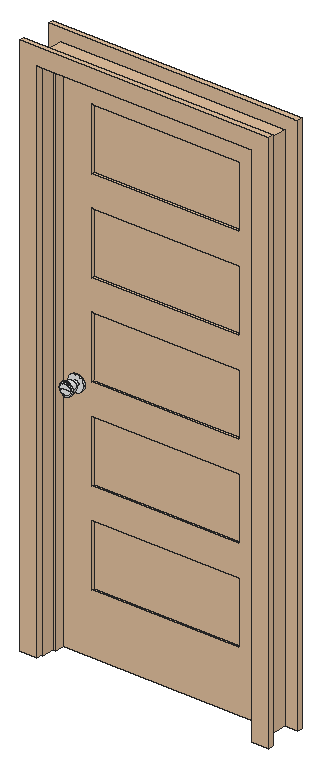
Revit family "M_Porta-Interna-Única-5_Painel_Vertical-Madeira", category Portas, Revit 2019
Family settings
  Hospedeiro = Parede
  Número OmniClass = 23.30.10.00
  Título OmniClass = Doors
  Sempre na vertical = Sim
  Corte com vazios quando carregada = Não
  Compartilhado = Não
  Ponto de cálculo do ambiente = Não
Parameters
  Visual Light Transmittance = 0
  Material da apara = Cerejeira
  Corrimão superior = 120 mm
  Espessura = 35 mm
  Resistência térmica (R) = 0.455703 (m²·K)/W
  Ângulo de abertura [instance] = 90.00°
  Estilos = 120 mm
  Solar Heat Gain Coefficient = 0
  Rough Width = Width + 50 mm  # 850 mm
  Altura bruta = Altura + 25 mm  # 2025 mm
  Material do painel = Cerejeira
  Corrimão intermediário = 115 mm
  Altura = 2000 mm
  Fechamento da parede = Por hospedeiro
  Width = 800 mm
  Coeficiente de transferência de calor (U) = 2.19465 W/(m²·K)
  Função = Interior
  Material da moldura = Cerejeira
  Material da maçaneta = Alumín. 1
  Corrimão inferior = 230 mm
  Código de montagem = "C1020300"
  Construção analítica = "Madeira"
Reference planes
  plane 1 "Centro (Frente/Trás)": y = 0
  plane 2 "Centro (Esquerda/Direita)": x = 0
  plane 3 "Esquerda": x = -425
  plane 4 "Direita": x = 425
  plane 5 "Superior": z = 2025
  plane 6 "Exterior": y = 53.975
  plane 7 "Interior": y = -60.325
  plane 8 "Painel esquerdo da porta": x = -400
  plane 9 "Painel direito da porta": x = 400
  plane 10 "Topo do painel": z = 2000
  plane 11: z = 0
  plane 12: z = 0
  plane 13: x = 418.65
  plane 14: y = 18.975
  plane 15: y = -15.95
  plane 16: x = 387.3
  plane 17: y = 18.975
  plane 18: z = 230
  plane 19: z = 1880
  plane 20: x = 280
  plane 21: x = -280
  plane 22: y = 30.642
  plane 23: y = 42.308
  plane 24: z = 914.4
  plane 25: z = 1289
  plane 26: z = 1174
  plane 27: z = 821
  plane 28: z = 936
  plane 29: z = 1231.5
  plane 30: z = 878.5
  plane 31: z = 115
  plane 32: z = 172.5
  plane 33: z = 1995
  plane 34: z = 1937.5
  plane 35: z = 468
  plane 36: z = 583
  plane 37: z = 525.5
  plane 38: z = 1527
  plane 39: z = 1642
  plane 40: z = 1584.5
Forms (mm)
  Sweep 1, solid, material "Cerejeira" <- "Material da moldura"
    path origin (0, 0, 0) x (1, 0, 0) y (0, 0, 1)
      loop
        line (425, 0) -> (425, 2025) -> (-425, 2025) -> (-425, 0)
    profile origin (425, 0, 1012.5) x (-1, 0, 0) y (0, -1, 0)
      loop
        line (25, -53.975) -> (25, -18.975) -> (37.7, -18.975) -> (37.7, 15.95) -> (25, 15.95) -> (25, 60.325) -> (0, 60.325) -> (0, -53.975) -> (25, -53.975)
  Extrusion 2, solid, material "Cerejeira" <- "Material do painel"
    sketch origin (0, 0, 0) x (1, 0, 0) y (0, 0, 1)
      loop
        line (400, 2000) -> (-400, 2000) -> (-400, 0) -> (400, 0) -> (400, 2000)
      loop
        line (280, 1880) -> (-280, 1880) -> (-280, 1642) -> (280, 1642) -> (280, 1880)
      loop
        line (280, 468) -> (-280, 468) -> (-280, 230) -> (280, 230) -> (280, 468)
      loop
        line (280, 1174) -> (-280, 1174) -> (-280, 936) -> (280, 936) -> (280, 1174)
      loop
        line (280, 1527) -> (-280, 1527) -> (-280, 1289) -> (280, 1289) -> (280, 1527)
      loop
        line (280, 821) -> (-280, 821) -> (-280, 583) -> (280, 583) -> (280, 821)
    from -53.975 to -18.975
  Extrusion 3, solid, material "Cerejeira" <- "Material do painel"
    sketch origin (0, 0, 0) x (1, 0, 0) y (0, 0, 1)
      loop
        line (280, 1880) -> (-280, 1880) -> (-280, 1642) -> (280, 1642) -> (280, 1880)
      loop
        line (280, 1289) -> (280, 1527) -> (-280, 1527) -> (-280, 1289) -> (280, 1289)
      loop
        line (280, 821) -> (-280, 821) -> (-280, 583) -> (280, 583) -> (280, 821)
      loop
        line (280, 230) -> (280, 468) -> (-280, 468) -> (-280, 230) -> (280, 230)
      loop
        line (280, 1174) -> (-280, 1174) -> (-280, 936) -> (280, 936) -> (280, 1174)
    from -42.308 to -30.642
  Sweep 4, solid, material "Cerejeira" <- "Material da apara", detail levels fine
    path origin (0, 53.975, 0) x (1, 0, 0) y (0, 0, 1)
      loop
        line (400, 0) -> (400, 2000) -> (-400, 2000) -> (-400, 0)
    profile "Perfil de caixa-plano : 20 x 65mm" origin (400, 53.975, 1000) x (-1, 0, 0) y (0, -1, 0)
      loop
        line (-6.35, -20) -> (-6.35, 0) -> (-71.35, 0) -> (-71.35, -20) -> (-6.35, -20)
  Sweep 5, solid, material "Cerejeira" <- "Material da apara", detail levels fine
    path origin (0, -60.325, 0) x (1, 0, 0) y (0, 0, 1)
      loop
        line (400, 0) -> (400, 2000) -> (-400, 2000) -> (-400, 0)
    profile "Perfil de caixa-plano : 20 x 65mm" origin (400, -60.325, 1000) x (-1, 0, 0) y (0, -1, 0)
      loop
        line (-6.35, 20) -> (-71.35, 20) -> (-71.35, 0) -> (-6.35, 0) -> (-6.35, 20)
Lines and regions (mm)
  Opening 1
    outline origin (-2286, -60.325, 0) x (1, 0, 0) y (0, 0, 1)
      loop
        line (1861, 0) -> (2711, 0) -> (2711, 2025) -> (1861, 2025) -> (1861, 0)
  Masking region 1, detail levels coarse+medium
    outline origin (0, 0, 0) x (1, 0, 0) y (0, 1, 0)
      loop
        line (-425, 53.975) -> (-425, -60.325) -> (-400, -60.325) -> (-400, 53.975) -> (-425, 53.975)
      loop
        line (425, 53.975) -> (400, 53.975) -> (400, -60.325) -> (425, -60.325) -> (425, 53.975)
  Masking region 2, detail levels fine
    outline origin (-25.4, 0, 0) x (1, 0, 0) y (0, 1, 0)
      loop
        line (-399.6, 53.975) -> (-399.6, -60.325) -> (-374.6, -60.325) -> (-374.6, -15.95) -> (-361.9, -15.95) -> (-361.9, 18.975) -> (-374.6, 18.975) -> (-374.6, 53.975) -> (-399.6, 53.975)
      loop
        line (450.4, 53.975) -> (425.4, 53.975) -> (425.4, 18.975) -> (412.7, 18.975) -> (412.7, -15.95) -> (425.4, -15.95) -> (425.4, -60.325) -> (450.4, -60.325) -> (450.4, 53.975)
  Masking region 3, detail levels fine
    outline origin (0, 0, 0) x (1, 0, 0) y (0, 1, 0)
      loop
        line (-471.35, 73.975) -> (-471.35, 53.975) -> (-406.35, 53.975) -> (-406.35, 73.975) -> (-471.35, 73.975)
      loop
        line (-471.35, -60.325) -> (-471.35, -80.325) -> (-406.35, -80.325) -> (-406.35, -60.325) -> (-471.35, -60.325)
      loop
        line (406.35, 73.975) -> (406.35, 53.975) -> (471.35, 53.975) -> (471.35, 73.975) -> (406.35, 73.975)
      loop
        line (406.35, -60.325) -> (406.35, -80.325) -> (471.35, -80.325) -> (471.35, -60.325) -> (406.35, -60.325)
  Masking region 4
    outline origin (0, 0, 0) x (0, 1, 0) y (0, 0, 1)
      loop
        line (53.975, 2025) -> (-60.325, 2025) -> (-60.325, 2018.65) -> (53.975, 2018.65) -> (53.975, 2025)
  symbolic lines, style "Giro da elevação"
    curve 1: line (-400, 53.975, 2000) -> (400, 53.975, 1000)
    curve 2: line (400, 53.975, 1000) -> (-400, 53.975, 0)
Text (mm)
  text "Exterior" at (-1904.17, 693.701, 0), in view "Nível de referência"
  text "Interior" at (-1904.17, -638.649, 0), in view "Nível de referência"
  text "Exterior" at (0, 1019.848, 3124.603), in view "Direita"
  text "Interior" at (0, -1635.541, 3124.603), in view "Direita"
  text "Interior" at (0, -787.806, 3124.376), in view "Esquerda"
  text "Exterior" at (0, 1386.095, 3124.376), in view "Esquerda"
Dimensions and locks
  equal spacing: plane 3 "Esquerda", plane 2 "Centro (Esquerda/Direita)", plane 4 "Direita"
  "Altura bruta": level to plane 5 "Superior"
  equal spacing: plane 8 "Painel esquerdo da porta", plane 2 "Centro (Esquerda/Direita)", plane 9 "Painel direito da porta"
  "Width": plane 8 "Painel esquerdo da porta" to plane 9 "Painel direito da porta"
  "Altura": level to plane 10 "Topo do painel"
  plane 11 to plane 12 = 0 mm
  locked: plane 13 to plane 4 "Direita" at 6.35
  "Espessura": plane 14 to plane 6 "Exterior"
  locked: plane 14 to plane 15 at 34.925
  locked: plane 16 to plane 9 "Painel direito da porta" at 12.7
  "Espessura": plane 6 "Exterior" to plane 17
  "Rough Width": plane 3 "Esquerda" to plane 4 "Direita"
  "Corrimão superior": plane 19 to plane 10 "Topo do painel"
  "Estilos": plane 20 to plane 9 "Painel direito da porta"
  "Estilos": plane 8 "Painel esquerdo da porta" to plane 21
  equal spacing: plane 17, plane 22, plane 23, plane 6 "Exterior"
  locked: plane 12 to plane 24 at 914.4
  equal spacing: plane 12, curve 2, plane 10 "Topo do painel"
  "Corrimão inferior": plane 18 to plane 11
  "Corrimão intermediário": plane 19 to plane 33
  equal spacing: plane 19, plane 34, plane 33
  "Corrimão intermediário": plane 31 to plane 18
  equal spacing: plane 31, plane 32, plane 18
  "Corrimão intermediário": plane 26 to plane 25
  equal spacing: plane 26, plane 29, plane 25
  "Corrimão intermediário": plane 27 to plane 28
  equal spacing: plane 27, plane 30, plane 28
  "Corrimão intermediário": plane 38 to plane 39
  equal spacing: plane 38, plane 40, plane 39
  equal spacing: plane 35, plane 37, plane 36
  "Corrimão intermediário": plane 35 to plane 36
  equal spacing: plane 32, plane 37, plane 30, plane 29, plane 40, plane 34
  locked: Masking region 4 sketch curve to plane 5 "Superior" at 6.35
  aligned and locked: plane 3 "Esquerda" to Opening 1 sketch curve
  aligned and locked: plane 5 "Superior" to Opening 1 sketch curve  (x2)
  aligned and locked: Opening 1 sketch curve to plane 4 "Direita"
  aligned and locked: Opening 1 sketch curve to level
  aligned and locked: plane 6 "Exterior" to host wall
  aligned and locked: plane 7 "Interior" to host wall
  aligned and locked: plane 5 "Superior" to Sweep 1 sketch curve
  aligned and locked: plane 4 "Direita" to Sweep 1 sketch curve  (x2)
  aligned and locked: Sweep 1 sketch curve to plane 3 "Esquerda"
  aligned and locked: plane 11 to level
  aligned and locked: plane 11 to Sweep 1 sketch curve  (x2)
  aligned and locked: Sweep 1 sketch curve to plane 9 "Painel direito da porta"
  aligned and locked: Sweep 1 sketch curve to host wall
  aligned and locked: Sweep 1 sketch curve to plane 7 "Interior"
  aligned and locked: Sweep 1 sketch curve to plane 15
  aligned and locked: Sweep 1 sketch curve to plane 16
  aligned and locked: plane 14 to Sweep 1 sketch curve
  aligned and locked: Extrusion 2 sketch curve to plane 10 "Topo do painel"
  aligned and locked: Extrusion 2 sketch curve to plane 8 "Painel esquerdo da porta"
  aligned and locked: plane 9 "Painel direito da porta" to Extrusion 2 sketch curve
  aligned and locked: Extrusion 2 sketch curve to plane 12
  aligned and locked: Extrusion 2 to plane 17
  aligned and locked: Extrusion 2 to plane 6 "Exterior"
  aligned and locked: Extrusion 2 sketch curve to plane 19
  aligned and locked: Extrusion 2 sketch curve to plane 21  (x5)
  aligned and locked: plane 20 to Extrusion 2 sketch curve  (x5)
  aligned and locked: plane 18 to Extrusion 2 sketch curve
  aligned and locked: Extrusion 3 sketch curve to plane 19
  aligned and locked: plane 20 to Extrusion 3 sketch curve  (x3)
  aligned and locked: Extrusion 3 sketch curve to plane 21  (x3)
  aligned and locked: plane 18 to Extrusion 3 sketch curve
  aligned and locked: plane 23 to Extrusion 3
  aligned and locked: Extrusion 3 to plane 22
  aligned and locked: nested 1 to plane 9 "Painel direito da porta"
  aligned and locked: plane 6 "Exterior" to nested 1
  aligned and locked: nested 2 to plane 8 "Painel esquerdo da porta"
  aligned and locked: plane 6 "Exterior" to nested 2
  aligned and locked: plane 8 "Painel esquerdo da porta" to nested 3
  aligned and locked: nested 3 to plane 17
  aligned and locked: plane 9 "Painel direito da porta" to Sweep 4 sketch curve
  aligned and locked: Sweep 4 sketch curve to plane 8 "Painel esquerdo da porta"
  aligned and locked: Sweep 4 sketch curve to plane 10 "Topo do painel"
  aligned and locked: Sweep 5 sketch curve to plane 9 "Painel direito da porta"
  aligned and locked: plane 10 "Topo do painel" to Sweep 5 sketch curve
  aligned and locked: plane 8 "Painel esquerdo da porta" to Sweep 5 sketch curve
  aligned and locked: Masking region 1 sketch curve to plane 3 "Esquerda"
  aligned and locked: plane 8 "Painel esquerdo da porta" to Masking region 1 sketch curve
  aligned and locked: Masking region 1 sketch curve to plane 7 "Interior"
  aligned and locked: plane 6 "Exterior" to Masking region 1 sketch curve
  aligned and locked: plane 9 "Painel direito da porta" to Masking region 1 sketch curve
  aligned and locked: Masking region 1 sketch curve to plane 4 "Direita"
  aligned and locked: plane 7 "Interior" to Masking region 1 sketch curve
  aligned and locked: Masking region 1 sketch curve to plane 6 "Exterior"
  aligned and locked: plane 11 to Sweep 4 sketch curve  (x2)
  aligned and locked: plane 11 to Sweep 5 sketch curve  (x2)
  aligned and locked: plane 8 "Painel esquerdo da porta" to Masking region 2 sketch curve
  aligned and locked: Masking region 2 sketch curve to plane 3 "Esquerda"
  aligned and locked: Masking region 2 sketch curve to plane 7 "Interior"
  aligned and locked: plane 6 "Exterior" to Masking region 2 sketch curve
  aligned and locked: Masking region 2 sketch curve to nested 2  (x2)
  aligned and locked: Masking region 2 sketch curve to Sweep 1  (x3)
  aligned and locked: Masking region 3 sketch curve to Sweep 4  (x6)
  aligned and locked: Masking region 3 sketch curve to plane 6 "Exterior"  (x2)
  aligned and locked: plane 7 "Interior" to Masking region 3 sketch curve  (x2)
  aligned and locked: Masking region 3 sketch curve to Sweep 5  (x6)
  aligned and locked: Masking region 2 sketch curve to plane 4 "Direita"
  aligned and locked: plane 9 "Painel direito da porta" to Masking region 2 sketch curve  (x3)
  aligned and locked: plane 17 to Masking region 2 sketch curve
  aligned and locked: Sweep 1 to Masking region 2 sketch curve
  aligned and locked: Extrusion 2 sketch curve to plane 26
  aligned and locked: plane 28 to Extrusion 2 sketch curve
  aligned and locked: Extrusion 3 sketch curve to plane 27
  aligned and locked: plane 25 to Extrusion 3 sketch curve
  aligned and locked: Extrusion 3 sketch curve to plane 26
  aligned and locked: plane 28 to Extrusion 3 sketch curve
  aligned and locked: plane 35 to Extrusion 2 sketch curve
  aligned and locked: Extrusion 2 sketch curve to plane 39
  aligned and locked: Extrusion 2 sketch curve to plane 27
  aligned and locked: plane 36 to Extrusion 2 sketch curve
  aligned and locked: plane 25 to Extrusion 2 sketch curve
  aligned and locked: Extrusion 2 sketch curve to plane 38
  aligned and locked: Extrusion 3 sketch curve to plane 39
  aligned and locked: Extrusion 3 sketch curve to plane 38
  aligned and locked: Extrusion 3 sketch curve to plane 36
  aligned and locked: Extrusion 3 sketch curve to plane 35
  aligned and locked: plane 5 "Superior" to Masking region 4 sketch curve
  aligned and locked: plane 6 "Exterior" to Masking region 4 sketch curve
  aligned and locked: Masking region 4 sketch curve to plane 7 "Interior"
Automatic sketch dimensions
  plane 16 to Sweep 1 sketch curve = 12.7 mm
  curve 2 to level = 0 mm
  curve 2 to plane 8 "Painel esquerdo da porta" = 0 mm
  curve 1 to plane 8 "Painel esquerdo da porta" = 0 mm
  curve 2 to plane 9 "Painel direito da porta" = 0 mm
  curve 1 to plane 10 "Topo do painel" = 0 mm
  Masking region 2 sketch curve to host wall = 0 mm  (x2)
  Masking region 2 sketch curve to plane 17 = 0 mm
  Extrusion 3 sketch curve to plane 20 = 0 mm  (x2)
  Extrusion 3 sketch curve to plane 21 = 0 mm  (x2)
Nested families
  nested 1: "Porta com abertura única" at (400, 53.975, 0), Ângulo de abertura <- "Ângulo de abertura", type "Único"
    with Abertura visível yes, Ângulo de abertura 90.00°, Ângulo real 90.00°, Width 800 mm, Espessura 35 mm
  nested 2: "M_Maçaneta residencial" at (-400, 53.975, 914.4), type "Padrão", detail levels fine
  nested 3: "M_Maçaneta residencial" at (-400, 18.975, 914.4), type "Padrão", detail levels fine
Definition of nested family "M_Maçaneta residencial"
  Parameters (values of type "Padrão")
    Manufacturer = ""
    Material = none
    Handle Z Distance = 0 mm
    Handle X Distance = 65 mm
    Analytic Construction = "<Nenhum>"
  Reference planes
    plane 1 "Centro (Frente/Trás)": y = 0
    plane 2: z = 0
    plane 3 "Centro (Esquerda/Direita)": x = 0
    plane 4: z = 0
    plane 5: x = 65
  Forms (mm)
    Extrusion 1, solid, material <- "Material"
      sketch origin (0, 0, 0) x (1, 0, 0) y (0, 0, 1)
        loop
          circle (65, 0) r 30
      from 0 to -6
    Revolve 2, solid, material <- "Material"
      sketch origin (0, 0, 0) x (0, -1, 0) y (1, 0, 0)
        loop
          line (-25, 55) -> (-6, 55) -> (-6, 65) -> (-55, 65) -> (-55, 44.524) -> (-53.172, 40) -> (-49.708, 40) -> (-25, 46.364) -> (-25, 55)
        axis (-6, 65) -> (-55, 65)
      angle from 0 to 360
  Dimensions and locks
    "Handle Z Distance": plane 4 to level
    "Handle X Distance": plane 5 to plane 3 "Centro (Esquerda/Direita)"
  Automatic sketch dimensions
    Extrusion 1 sketch curve to plane 4 = 0 mm
    Extrusion 1 sketch curve to plane 5 = 0 mm
    Revolve 2 sketch curve to plane 5 = 0 mm  (x2)
    Revolve 2 sketch curve to plane 1 "Centro (Frente/Trás)" = 66 mm
    Revolve 2 sketch curve to Revolve 2 sketch curve = 11 mm
    Revolve 2 sketch curve to Revolve 2 sketch curve = 1.828 mm
    Revolve 2 sketch curve to Revolve 2 sketch curve = 3.464 mm
    Revolve 2 sketch curve to plane 1 "Centro (Frente/Trás)" = 25 mm
    Revolve 2 sketch curve to plane 1 "Centro (Frente/Trás)" = 6 mm
    Revolve 2 sketch curve to Revolve 2 sketch curve = 0 mm
    Revolve 2 sketch curve to Revolve 2 sketch curve = 10 mm
    Revolve 2 sketch curve to Revolve 2 sketch curve = 8.636 mm
    Revolve 2 sketch curve to Revolve 2 sketch curve = 20.476 mm
    Revolve 2 sketch curve to Revolve 2 sketch curve = 4.524 mm
    radius of Extrusion 1 sketch curve = 30 mm
Definition of nested family "Porta com abertura única"
  Parameters (values of type "Único")
    Width = 900 mm
    Thickness = 45 mm
    Abertura visível [instance] = Ângulo de abertura > 1.00°  # yes
    Ângulo de abertura [instance] = 45.00°
    Assembly Code = ""
    Analytic Construction = "<Nenhum>"
    Ângulo real [instance] = if(Ângulo de abertura < 1.00°, 1.00°, Ângulo de abertura)  # 45.00°
  Reference planes
    plane 1 "Centro (Frente/Trás)": y = 0
    plane 2: z = 0
    plane 3 "Centro (Esquerda/Direita)": x = 0
    plane 4: x = -900
  Lines and regions (mm)
    Masking region 1
      outline origin (0, 0, 0) x (-0.707107, 0.707107, 0) y (-0.707107, -0.707107, 0)
        loop
          line (0, 0) -> (900, 0) -> (900, 45) -> (0, 45) -> (0, 0)
    symbolic lines
      curve 1: line (0, 0, 0) -> (-900, 0, 0)
    symbolic lines, visible <- "Abertura visível"
      curve 2: arc (-900, 0, 0) -> (-831.492, 344.415, 0) -> (-636.396, 636.396, 0) r 900
    reference lines
      curve 3: line (0, 0, 0) -> (-636.396, 636.396, 0)
    model lines
      curve 4: line (0, 0, 0) -> (0, 0, 25.4)
  Dimensions and locks
    "Width": plane 4 to plane 3 "Centro (Esquerda/Direita)"
    locked: curve 2 to plane 3 "Centro (Esquerda/Direita)"
    locked: curve 2 to plane 1 "Centro (Frente/Trás)"
    "Width": curve 3 to curve 3
    "Thickness": Masking region 1 sketch curve to Masking region 1 sketch curve
    locked: curve 4 to plane 2 at 25.4
    "Width": radius of curve 2
    "Ângulo real": angle curve 2 to curve 2
    "Ângulo de abertura": angle curve 3 to plane 1 "Centro (Frente/Trás)"
    aligned and locked: curve 1 to plane 1 "Centro (Frente/Trás)"
    aligned and locked: plane 3 "Centro (Esquerda/Direita)" to curve 1
    aligned and locked: plane 3 "Centro (Esquerda/Direita)" to curve 3
    aligned and locked: plane 1 "Centro (Frente/Trás)" to curve 3
    aligned and locked: curve 3 to Masking region 1 sketch curve
    aligned and locked: Masking region 1 sketch curve to curve 3  (x2)
    aligned and locked: plane 3 "Centro (Esquerda/Direita)" to curve 4
    aligned and locked: plane 2 to curve 4
Types in the file's own list only (39): name | Transmissão de luz visual | Resistência térmica (R) | Estilos | Coeficiente de ganho de calor solar | Largura bruta | Altura bruta | Altura | Largura | Coeficiente de transferência de calor (U)
  300 x 2000mm | 0 | 0.4557 (m²·K)/W | 60 mm | 0 | 350 mm | 2025 mm | 2000 mm | 300 mm | 2.1946 W/(m²·K)
  350 x 2000mm | 0 | 0.4557 (m²·K)/W | 60 mm | 0 | 400 mm | 2025 mm | 2000 mm | 350 mm | 2.1946 W/(m²·K)
  400 x 2000mm | 0 | 0.4557 (m²·K)/W | 60 mm | 0 | 450 mm | 2025 mm | 2000 mm | 400 mm | 2.1946 W/(m²·K)
  450 x 2000mm | 0 | 0.4557 (m²·K)/W | 120 mm | 0 | 500 mm | 2025 mm | 2000 mm | 450 mm | 2.1946 W/(m²·K)
  500 x 2000mm | 0 | 0.4557 (m²·K)/W | 120 mm | 0 | 550 mm | 2025 mm | 2000 mm | 500 mm | 2.1946 W/(m²·K)
  550 x 2000mm | 0 | 0.4557 (m²·K)/W | 120 mm | 0 | 600 mm | 2025 mm | 2000 mm | 550 mm | 2.1946 W/(m²·K)
  600 x 2000mm | 0 | 0.4557 (m²·K)/W | 120 mm | 0 | 650 mm | 2025 mm | 2000 mm | 600 mm | 2.1946 W/(m²·K)
  650 x 2000mm | 0 | 0.4557 (m²·K)/W | 120 mm | 0 | 700 mm | 2025 mm | 2000 mm | 650 mm | 2.1946 W/(m²·K)
  700 x 2000mm | 0 | 0.4557 (m²·K)/W | 120 mm | 0 | 750 mm | 2025 mm | 2000 mm | 700 mm | 2.1946 W/(m²·K)
  750 x 2000mm | 0 | 0.4557 (m²·K)/W | 120 mm | 0 | 800 mm | 2025 mm | 2000 mm | 750 mm | 2.1946 W/(m²·K)
  800 x 2000mm | 0 | 0.4557 (m²·K)/W | 120 mm | 0 | 850 mm | 2025 mm | 2000 mm | 800 mm | 2.1946 W/(m²·K)
  850 x 2000mm | 0 | 0.4557 (m²·K)/W | 120 mm | 0 | 900 mm | 2025 mm | 2000 mm | 850 mm | 2.1946 W/(m²·K)
  900 x 2000mm | 0 | 0.4557 (m²·K)/W | 120 mm | 0 | 950 mm | 2025 mm | 2000 mm | 900 mm | 2.1946 W/(m²·K)
  300 x 2100mm | 0 | 0.4557 (m²·K)/W | 60 mm | 0 | 350 mm | 2125 mm | 2100 mm | 300 mm | 2.1946 W/(m²·K)
  350 x 2100mm | 0 | 0.4557 (m²·K)/W | 60 mm | 0 | 400 mm | 2125 mm | 2100 mm | 350 mm | 2.1946 W/(m²·K)
  400 x 2100mm | 0 | 0.4557 (m²·K)/W | 60 mm | 0 | 450 mm | 2125 mm | 2100 mm | 400 mm | 2.1946 W/(m²·K)
  450 x 2100mm | 0 | 0.4557 (m²·K)/W | 120 mm | 0 | 500 mm | 2125 mm | 2100 mm | 450 mm | 2.1946 W/(m²·K)
  500 x 2100mm | 0 | 0.4557 (m²·K)/W | 120 mm | 0 | 550 mm | 2125 mm | 2100 mm | 500 mm | 2.1946 W/(m²·K)
  550 x 2100mm | 0 | 0.4557 (m²·K)/W | 120 mm | 0 | 600 mm | 2125 mm | 2100 mm | 550 mm | 2.1946 W/(m²·K)
  600 x 2100mm | 0 | 0.4557 (m²·K)/W | 120 mm | 0 | 650 mm | 2125 mm | 2100 mm | 600 mm | 2.1946 W/(m²·K)
  650 x 2100mm | 0 | 0.4557 (m²·K)/W | 120 mm | 0 | 700 mm | 2125 mm | 2100 mm | 650 mm | 2.1946 W/(m²·K)
  700 x 2100mm | 0 | 0.4557 (m²·K)/W | 120 mm | 0 | 750 mm | 2125 mm | 2100 mm | 700 mm | 2.1946 W/(m²·K)
  750 x 2100mm | 0 | 0.4557 (m²·K)/W | 120 mm | 0 | 800 mm | 2125 mm | 2100 mm | 750 mm | 2.1946 W/(m²·K)
  800 x 2100mm | 0 | 0.4557 (m²·K)/W | 120 mm | 0 | 850 mm | 2125 mm | 2100 mm | 800 mm | 2.1946 W/(m²·K)
  850 x 2100mm | 0 | 0.4557 (m²·K)/W | 120 mm | 0 | 900 mm | 2125 mm | 2100 mm | 850 mm | 2.1946 W/(m²·K)
  900 x 2100mm | 0 | 0.4557 (m²·K)/W | 120 mm | 0 | 950 mm | 2125 mm | 2100 mm | 900 mm | 2.1946 W/(m²·K)
  300 x 2400mm | 0 | 0.4557 (m²·K)/W | 60 mm | 0 | 350 mm | 2425 mm | 2400 mm | 300 mm | 2.1946 W/(m²·K)
  350 x 2400mm | 0 | 0.4557 (m²·K)/W | 60 mm | 0 | 400 mm | 2425 mm | 2400 mm | 350 mm | 2.1946 W/(m²·K)
  400 x 2400mm | 0 | 0.4557 (m²·K)/W | 60 mm | 0 | 450 mm | 2425 mm | 2400 mm | 400 mm | 2.1946 W/(m²·K)
  450 x 2400mm | 0 | 0.4557 (m²·K)/W | 120 mm | 0 | 500 mm | 2425 mm | 2400 mm | 450 mm | 2.1946 W/(m²·K)
  500 x 2400mm | 0 | 0.4557 (m²·K)/W | 120 mm | 0 | 550 mm | 2425 mm | 2400 mm | 500 mm | 2.1946 W/(m²·K)
  550 x 2400mm | 0 | 0.4557 (m²·K)/W | 120 mm | 0 | 600 mm | 2425 mm | 2400 mm | 550 mm | 2.1946 W/(m²·K)
  600 x 2400mm | 0 | 0.4557 (m²·K)/W | 120 mm | 0 | 650 mm | 2425 mm | 2400 mm | 600 mm | 2.1946 W/(m²·K)
  650 x 2400mm | 0 | 0.4557 (m²·K)/W | 120 mm | 0 | 700 mm | 2425 mm | 2400 mm | 650 mm | 2.1946 W/(m²·K)
  700 x 2400mm | 0 | 0.4557 (m²·K)/W | 120 mm | 0 | 750 mm | 2425 mm | 2400 mm | 700 mm | 2.1946 W/(m²·K)
  750 x 2400mm | 0 | 0.4557 (m²·K)/W | 120 mm | 0 | 800 mm | 2425 mm | 2400 mm | 750 mm | 2.1946 W/(m²·K)
  800 x 2400mm | 0 | 0.4557 (m²·K)/W | 120 mm | 0 | 850 mm | 2425 mm | 2400 mm | 800 mm | 2.1946 W/(m²·K)
  850 x 2400mm | 0 | 0.4557 (m²·K)/W | 120 mm | 0 | 900 mm | 2425 mm | 2400 mm | 850 mm | 2.1946 W/(m²·K)
  900 x 2400mm | 0 | 0.4557 (m²·K)/W | 120 mm | 0 | 950 mm | 2425 mm | 2400 mm | 900 mm | 2.1946 W/(m²·K)
